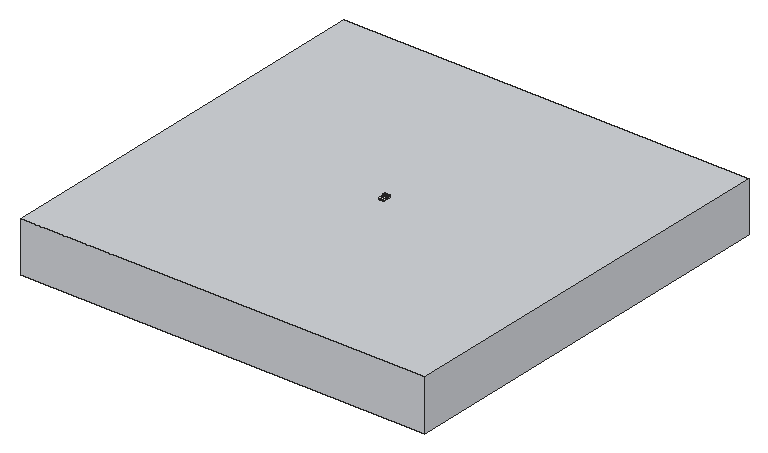
Revit family "Gira_511000", category Elektroinstallationen, Revit 2017
Family settings
  Basisbauteil = Fläche
  Beschriftungsausrichtung beibehalten = Nein
  Bemaßung runder Anschluss = Durchmesser verwenden
  Teiletyp = Normal
  Beim Laden mit Abzugskörper schneiden = Nein
  Gemeinsam genutzt = Nein
  Raumberechnungspunkt = Nein
Parameters
  Default Elevation = 1219.2 mm
  URL = "https://www.gira.de/"
  Typname = "RF/TP media coup./RF repeater KNX"
  Type of accessory = "Other"
  Productwebsite = "http://katalog.gira.de/en/datenblatt.html?artikelnr=511000"
  Hersteller = "Gira"
  HAN = "511000"
  GTIN = "4010337017264"
  Data sheet = "https://katalog.gira.de/en/download.html?artikelnr=511000"
  Beschreibung = "RF TP Media coupl.RF rep. KNX,KNX RF TP media coupler or RF repeater,,DRA plus,With the KNX RF system devices, the KNX RF pushbutton sensors and KNX RF hand-held transmitters are incorporated and parameterised in the KNX structure via the ETS.,,Features:,- Interface between wired KNX products (TP) and KNX RF wireless products.,- Configurable as a media coupler or repeater via the ETS.,- Project planning, start-up and parameter setting are performed using ETS (version 5 or later)."
  BIM = "https://media.stage.bim.site/public/gira/ad86d9f/Kasten.rfa"
Reference planes
  plane 1 "Center (Front/Back)": y = 0
  plane 2: z = 0
  plane 3 "Center (Left/Right)": x = 0
Forms (mm)
  Extrusion 1, solid
    sketch origin (0, 0, 0) x (1, 0, 0) y (0, 1, 0)
      loop
        line (-1219.2, 1219.2) -> (-1219.2, -1219.2) -> (1219.2, -1219.2) -> (1219.2, 1219.2) -> (-1219.2, 1219.2)
    from 0 to -304.8
  Sweep 2, solid, material "White", detail levels fine
    path in 3D
      loop
        line (11.05, -18.3, 0) -> (-11.05, -18.3, 0) -> (-11.05, 18.3, 0) -> (11.05, 18.3, 0) -> (11.05, -18.3, 0)
    profile origin (11.05, 0, 0) x (1, 0, 0) y (0, 0, 1)
      loop
        line (0, 11.5) -> (0, 0)
        arc (0, 0) -> (2.151, 0.831) -> (3.184, 2.892) r 3.201
        line (3.184, 2.892) -> (3.2, 8.3)
        arc (3.2, 8.3) -> (2.257, 10.557) -> (0, 11.5) r 3.222
  Extrusion 3, solid, material "White", detail levels fine
    sketch origin (0, 0, 0) x (1, 0, 0) y (0, 1, 0)
      loop
        line (-11.05, -18.3) -> (11.05, -18.3) -> (11.05, 18.3) -> (-11.05, 18.3) -> (-11.05, -18.3)
      loop
        circle (-6.034, -6) r 2.2
      loop
        line (-7.834, -17.8) -> (-4.234, -17.8) -> (-4.234, -9) -> (-7.834, -9) -> (-7.834, -17.8)
      loop
        circle (-6.034, 2) r 2.2
    from 0 to 11.5
  Extrusion 4, solid, material "White", detail levels fine
    sketch origin (0, 0, 0) x (1, 0, 0) y (0, 1, 0)
      loop
        line (14.25, 6.8) -> (14.25, 21.5) -> (-14.25, 21.5) -> (-14.25, 6.8) -> (14.25, 6.8)
    from 2.892 to 15.2
  Extrusion 5, void, detail levels fine
    sketch origin (0, 0, 0) x (1, 0, 0) y (0, 1, 0)
      loop
        line (-7.531, 20.05) -> (-17.739, 20.05) -> (-17.739, 8.35) -> (-7.624, 8.35) -> (-8.123, 7.45) -> (-4.633, 7.3) -> (-4.996, 8.35) -> (-3.084, 8.35) -> (-3.084, 20.05) -> (-5.131, 20.05) -> (-4.66, 19.2) -> (-8.042, 19.2) -> (-7.531, 20.05)
    from 5.521 to 15.2
  Extrusion 6, solid, material "White", detail levels fine
    sketch origin (0, 0, 0) x (1, 0, 0) y (0, 1, 0)
      loop
        circle (-6.734, 17.4) r 0.65
      loop
        circle (-6.734, 11.6) r 0.65
    from 5.521 to 13.3
  Extrusion 7, solid, material "White", detail levels medium
    sketch origin (0, 0, 0) x (1, 0, 0) y (0, 1, 0)
      loop
        line (-14.25, -21.5) -> (14.25, -21.5) -> (14.25, 21.5) -> (-14.25, 21.5) -> (-14.25, -21.5)
    from 0 to 11.5
  Extrusion 8, solid, material "White", detail levels medium
    sketch origin (0, 0, 0) x (1, 0, 0) y (0, 1, 0)
      loop
        line (14.25, 6.8) -> (14.25, 21.5) -> (-14.25, 21.5) -> (-14.25, 6.8) -> (14.25, 6.8)
    from 2.892 to 15.2
  Extrusion 9, solid, material "White", detail levels coarse
    sketch origin (0, 0, 0) x (1, 0, 0) y (0, 1, 0)
      loop
        line (-14.25, 21.5) -> (-14.25, -21.5) -> (14.25, -21.5) -> (14.25, 21.5) -> (-14.25, 21.5)
    from 0 to 15.2
Cuts and joins
  Extrusion 5 cuts Extrusion 3
  Extrusion 5 cuts Extrusion 4
  Extrusion 5 cuts Sweep 2
Lines and regions (mm)
  model lines
    curve 1: line (-11.05, -18.3, 0) -> (-11.05, 18.3, 0)
    curve 2: line (-11.05, 18.3, 0) -> (11.05, 18.3, 0)
    curve 3: line (11.05, 18.3, 0) -> (11.05, -18.3, 0)
    curve 4: line (11.05, -18.3, 0) -> (-11.05, -18.3, 0)
  sketch lines
    curve 5: line (11.05, 18.3, 0) -> (11.05, -18.3, 0)
    curve 6: line (-11.05, 18.3, 0) -> (11.05, 18.3, 0)
    curve 7: line (-11.05, -18.3, 0) -> (-11.05, 18.3, 0)
    curve 8: line (11.05, -18.3, 0) -> (-11.05, -18.3, 0)
Dimensions and locks
  aligned and locked: plane 2 to Extrusion 1
  aligned and locked: level to Extrusion 1
